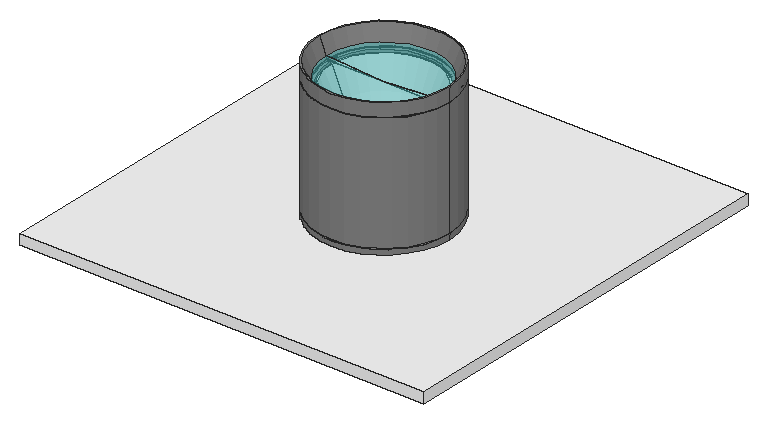
Revit family "BE_24406_de_DE", category Leuchten, Revit 2020
Family settings
  Basisbauteil = Fläche
  Bemaßung runder Anschluss = Durchmesser verwenden
  Teiletyp = Normal
  Beim Laden mit Abzugskörper schneiden = Ja
  Lichtquelle = Ja
  Gemeinsam genutzt = Nein
  Raumberechnungspunkt = Ja
Parameters (values of type "BEGA_24406_Grafit_K3")
  built-in parameter 1150104 = 12.542 (stored number, unit not read)
  Wattage = 16.8 W
  Default Elevation = 0 mm
  built-in parameter 1150113 = 1 (stored number, unit not read)
  built-in parameter 1114218 = 1 (stored number, unit not read)
  Umgebungstemperatur = "25 °C"
  URL = "https://www.bega.com/de/produkt/24406"
  Typenkommentare = "© 2022 BEGA. Wir behalten uns das Recht vor, technische Änderungen ohne vorherige Ankündigung vorzunehmen."  # constant formula
  Type Image = 24406.png
  built-in parameter 1150134 = (empty or 0)
  built-in parameter 1150109 = 1 (stored number, unit not read)
  Strom = "0,5 A"
  built-in parameter 1150110 = 1 (stored number, unit not read)
  Spannung = 239.996 V
  Sonderanfertigung = no
  Seriennummer [instance] = "Hier können Sie die eindeutige Seriennummer für das Facility Management eintragen."
  Schutzklasse = "I"
  Schutzart = "IP 65"
  Scheinlast = 0 VA
  Produktdatenblatt = "https://cdn.bega.com/bega/products/24406K3/current/documents/data-sheets/de"
  Oberflächentemperatur = ""
  Neigungswinkel = 0.00°
  Modell = "24406K3"
  Material_17 = BEGA_Reflektor
  Material_15 = BEGA_Leuchtmedium_matt
  Material_11 = BEGA_Glas_opal
  Material_09 = BEGA_Glas_klar
  Material_06 = BEGA_Oberfläche_Edelstahl_gebürstet
  Material_03 = BEGA_Oberfläche_Weiss_matt
  Material_02 = BEGA_Oberfläche_Silber_matt
  Material_01 [instance] = BEGA_Oberfläche_Grafit_matt
  M_W = no
  M_G = yes
  M_A = no
  Logo = 0
  built-in parameter 1114217 = 1 (stored number, unit not read)
  built-in parameter 1150139 = (empty or 0)
  built-in parameter 1150105 = 180.48 (stored number, unit not read)
  built-in parameter 1150114 = 1 (stored number, unit not read)
  Lumens = 2268 lm
  built-in parameter 1150115 = 1 (stored number, unit not read)
  Leuchtenlichtstrom = "2220 lm"
  Leuchtenanzahl = ""
  Lebensdauerkriterien = "L70B50 @ 25 °C = 180000 h"
  Lastklassifizierung = Beleuchtung
  built-in parameter 1150112 = 1 (stored number, unit not read)
  Lampenlichtstrom = "2850 lm"
  Lampe = "LED 16.8 W"
  LED_Modulbezeichnung = "LED-0800/830"
  Hersteller = "BEGA"  # constant formula
  Halbstreuwinkel = ""
  Gewicht = "1.35 kg"
  Gebrauchslageneinschränkung [instance] = ""
  Frequenz = "0/50-60 Hz"
  Farbwiedergabeindex = "CRI > 80"
  Farbtemperaturverschiebung bei Dämpfen der Lampe = <Keine Auswahl>
  Farbtemperatur = "3000 K"
  Color Filter = 16777215
  built-in parameter 1150133 = 10 (stored number, unit not read)
  Energieeffizienzklasse = "LED A++ - A"
  built-in parameter 1150137 = (empty or 0)
  built-in parameter 1150132 = (empty or 0)
  ENEC = "ja"
  Dimmbar [instance] = "DALI"
  Datei für fotometrisches Netz = "BE_24406K3.IES"
  CE_Konformität = "ja"
  Bestellnummer = "24406K3"
  Beschreibung_Sonderanfertigung = "Hier können Sie Informationen zur Sonderanfertigung eintragen."
  Beschreibung = "Deckenaufbau-Tiefstrahler"
  built-in parameter 1150106 = 1.8048 (stored number, unit not read)
  Befestigungsbohrung = "Ø 4,3 mm"
  Befestigungsabstand = "106 mm"
  Ballwurfsicher = ""
  BEGA_Intern_aus = yes
  BEGA_Intern_an = yes
  BEGA_Intern_Konstruktion = yes
  BEGA_Intern = yes
  BEGA_IES = yes
  BEGA_Dummy = no
  Anschlussleitung = ""
  Anschlussleistung [instance] = "19.3 W"
  Anschlusskasten = ""
  built-in parameter 1150107 = 3000 (stored number, unit not read)
  built-in parameter 1150102 = (empty or 0)
  built-in parameter 1150138 = (empty or 0)
  Aktualisierung = "2022-05-18T04:00:07"
  Abstand_zur_angestrahlten_Fläche [instance] = ""
  AC/DC = "AC/DC"
Types (4, lengths in mm): name | built-in parameter 1150104 | built-in parameter 1150134 | Modell | M_W | M_G | built-in parameter 1150105 | Lumens | Leuchtenlichtstrom | Lampenlichtstrom | LED_Modulbezeichnung | Farbtemperatur | Datei für fotometrisches Netz | Bestellnummer | built-in parameter 1150106 | built-in parameter 1150107
  BEGA_24406_Weiß_K3 | 12.542 (stored number, unit not read) | (empty or 0) | "24406WK3" | yes | no | 180.48 (stored number, unit not read) | 2268 lm | "2220 lm" | "2850 lm" | "LED-0800/830" | "3000 K" | "BE_24406K3.IES" | "24406WK3" | 1.8048 (stored number, unit not read) | 3000 (stored number, unit not read)
  BEGA_24406_Grafit_K4 | 12.821 (stored number, unit not read) | 12 | "24406K4" | no | yes | 184.49 (stored number, unit not read) | 2318.4 lm | "2275 lm" | "2920 lm" | "LED-0800/840" | "4000 K" | "BE_24406K4.IES" | "24406K4" | 1.8449 (stored number, unit not read) | 4000 (stored number, unit not read)
  BEGA_24406_Grafit_K3 | 12.542 (stored number, unit not read) | (empty or 0) | "24406K3" | no | yes | 180.48 (stored number, unit not read) | 2268 lm | "2220 lm" | "2850 lm" | "LED-0800/830" | "3000 K" | "BE_24406K3.IES" | "24406K3" | 1.8048 (stored number, unit not read) | 3000 (stored number, unit not read)
  BEGA_24406_Weiß_K4 | 12.821 (stored number, unit not read) | 12 | "24406WK4" | yes | no | 184.49 (stored number, unit not read) | 2318.4 lm | "2275 lm" | "2920 lm" | "LED-0800/840" | "4000 K" | "BE_24406K4.IES" | "24406WK4" | 1.8449 (stored number, unit not read) | 4000 (stored number, unit not read)
Reference planes
  plane 1 "Mitte (Vorne/Hinten)": y = 0
  plane 2: z = 0
  plane 3 "Mitte (Links/Rechts)": x = 0
  plane 4 "Links": x = -65
  plane 5 "Rechts": x = 65
  plane 6 "Unten": y = -65
  plane 7 "Oben": y = 65
  plane 8 "Vorne": z = 135.379
  plane 9 "Hinten": z = 0
Forms (mm)
  Extrusion 1, solid, material "BEGA_Platte_Weiss"
    sketch origin (0, -1119.2, 0) x (1, 0, 0) y (0, 1, 0)
      loop
        line (-200, 1319.2) -> (-200, 919.2) -> (200, 919.2) -> (200, 1319.2) -> (-200, 1319.2)
    from 0 to -10
  Extrusion 2, solid, material "BEGA_Dummy_matt", visible <- "BEGA_Dummy"
    sketch origin (77.149, -76.023, 0) x (1, 0, 0) y (0, 1, 0)
      loop
        circle (-77.149, 76.023) r 65
    from 0 to 135.379
Dimensions and locks
  plane 1 "Mitte (Vorne/Hinten)" to Extrusion 1 = 200 mm
  aligned and locked: plane 2 to Extrusion 1
  aligned and locked: level to Extrusion 1
Nested families
  nested 1: "BE_24406" at (0, 0, 0), type "BE_24406"
Connectors
  electrical at (0, 0, 0), driven by "Lastklassifizierung", driven by "Spannung", driven by "Scheinlast"
    settings: index 1, voltage 239.996 V, apparent load 0 VA, apparent load phase1 0 VA, apparent load phase2 0 VA, apparent load phase3 0 VA, power factor 1, load classification "Beleuchtung", number of poles 1, system type 31, power factor state 1, is connector primary yes, connector utility no, sub classification motor no, connector description ""
Definition of nested family "BE_24406"
  Parameters (values of type "BE_24406")
    Default Elevation = 1 mm
    URL = "http://www.bega.de/de/produkt"
    Type Comments = "© 2015 BEGA. Wir behalten uns das Recht vor, technische Änderungen ohne vorherige Ankündigung vorzunehmen. "  # constant formula
    Type Image = (empty or 0)
    Neigungswinkel_um_Z2 = 0.00°
    Neigungswinkel_um_Z1 = 0.00°
    Neigungswinkel_um_Y2 = 0.00°
    Neigungswinkel_um_Y1 = 0.00°
    Neigungswinkel_um_X2 = 0.00°
    Neigungswinkel_um_X1 = 0.00°
    Material_17 = none
    Material_15 = none
    Material_11 = none
    Material_09 = none
    Material_06 = none
    Material_03 = none
    Material_02 = none
    Material_01 = none
    M_W = yes
    M_G = yes
    M_A = yes
    Länge_Platte = 200 mm  # constant formula
    Höhe_Platte = -10 mm  # constant formula
    Manufacturer = "BEGA"  # constant formula
    Drehwinkel_um_Z2 = 0.00°
    Drehwinkel_um_Z1 = 0.00°
    Breite_Platte = 200 mm  # constant formula
  Reference planes
    plane 1 "Mitte (Oben/Unten)": y = 0
    plane 2: z = 0
    plane 3 "Mitte (Links/Rechts)": x = 0
    plane 4 "Hinten": z = -25
    plane 5 "Links": x = -65
    plane 6 "Oben": y = 65
    plane 7 "Unten": y = -65
    plane 8: z = 135.2
    plane 9: x = 65
  Forms (mm)
    Extrusion 1, solid, detail levels medium
      sketch origin (0, 0, 0) x (1, 0, 0) y (0, 1, 0)
        loop
          line (-100, 100) -> (-100, -100) -> (100, -100) -> (100, 100) -> (-100, 100)
      from 0 to -10 <- "Höhe_Platte"
    Revolve 2, solid, material <- "Material_01", visible <- "M_G"
      sketch origin (0, 0, 0) x (1, 0, 0) y (0, 0, 1)
        loop
          line (-65, 121.2) -> (-65, 6) -> (-64.092, 6) -> (-63, 9) -> (-62.1, 25) -> (-55, 25) -> (-54.11, 50.5) -> (0, 50.5) -> (0, 55.5) -> (-53.369, 55.5) -> (-54.966, 101.236)
          arc (-54.966, 101.236) -> (-55.271, 101.92) -> (-55.966, 102.2) r 1
          line (-55.966, 102.2) -> (-62.302, 102.2) -> (-62.845, 117.775) -> (-64.092, 121.2) -> (-65, 121.2)
        axis (0, 6) -> (0, 121.2)
      angle from 0 to 360
    Revolve 3, solid, material <- "Material_17"
      sketch origin (0, 0, 0) x (1, 0, 0) y (0, 0, 1)
        loop
          arc (-52.341, 113) -> (-40.494, 85.573) -> (-25.593, 59.678) r 261.2
          arc (-25.593, 59.678) -> (-25.072, 59.192) -> (-24.386, 59) r 1.5
          line (-24.386, 59) -> (-23, 59)
          arc (-23, 59) -> (-22.613, 59.184) -> (-22.51, 59.6) r 0.5
          arc (-22.51, 59.6) -> (-22.613, 60.016) -> (-23, 60.2) r 0.5
          line (-23, 60.2) -> (-24.484, 60.2)
          arc (-24.484, 60.2) -> (-39.558, 86.414) -> (-51.486, 114.2) r 259.987
          line (-51.486, 114.2) -> (-56.02, 114.198) -> (-56.5, 113) -> (-52.341, 113)
        axis (0, 59) -> (0, 114.2)
      angle from 0 to 360
    Revolve 4, solid, material <- "Material_09"
      sketch origin (0, 0, 0) x (1, 0, 0) y (0, 0, 1)
        loop
          line (0, 120.8) -> (-56, 120.8) -> (-56, 116.7) -> (0, 116.7) -> (0, 120.8)
        axis (0, 120.8) -> (0, 116.7)
      angle from 0 to 360
    Revolve 5, solid, material <- "Material_01", visible <- "M_G"
      sketch origin (0, 0, 0) x (1, 0, 0) y (0, 0, 1)
        loop
          line (-63.5, 135.2) -> (-65, 135.2) -> (-65, 122.217) -> (-62.884, 121.994) -> (-61, 118.468) -> (-62, 117.891) -> (-62, 109.35) -> (-60.078, 108.7) -> (-57.839, 108.7) -> (-57.704, 112.686) -> (-56.75, 114.2) -> (-53.087, 114.2) -> (-53.017, 116.2) -> (-56.465, 116.2) -> (-56.5, 117.2) -> (-63.5, 135.2)
        axis (0, 108.7) -> (0, 135.2)
      angle from 0 to 360
    Revolve 6, solid, material <- "Material_03", visible <- "M_W"
      sketch origin (0, 0, 0) x (1, 0, 0) y (0, 0, 1)
        loop
          line (-65, 121.2) -> (-65, 6) -> (-64.092, 6) -> (-63, 9) -> (-62.1, 25) -> (-55, 25) -> (-54.11, 50.5) -> (0, 50.5) -> (0, 55.5) -> (-53.369, 55.5) -> (-54.966, 101.236)
          arc (-54.966, 101.236) -> (-55.271, 101.92) -> (-55.966, 102.2) r 1
          line (-55.966, 102.2) -> (-62.302, 102.2) -> (-62.845, 117.775) -> (-64.092, 121.2) -> (-65, 121.2)
        axis (0, 6) -> (0, 121.2)
      angle from 0 to 360
    Revolve 7, solid, material <- "Material_03", visible <- "M_W"
      sketch origin (0, 0, 0) x (1, 0, 0) y (0, 0, 1)
        loop
          line (-63.5, 135.2) -> (-65, 135.2) -> (-65, 122.217) -> (-62.884, 121.994) -> (-61, 118.468) -> (-62, 117.891) -> (-62, 109.35) -> (-60.078, 108.7) -> (-57.839, 108.7) -> (-57.704, 112.686) -> (-56.75, 114.2) -> (-53.087, 114.2) -> (-53.017, 116.2) -> (-56.465, 116.2) -> (-56.5, 117.2) -> (-63.5, 135.2)
        axis (0, 108.7) -> (0, 135.2)
      angle from 0 to 360
    Revolve 8, solid, material <- "Material_15"
      sketch origin (0, 0, 0) x (1, 0, 0) y (0, 0, 1)
        loop
          line (0, 55.5) -> (0, 57.05) -> (-16, 57.05) -> (-16, 55.5) -> (0, 55.5)
        axis (0, 55.5) -> (0, 57.05)
      angle from 0 to 360
    Revolve 9, solid, material <- "Material_01", visible <- "M_G"
      sketch origin (0, 0, 0) x (1, 0, 0) y (0, 0, 1)
        loop
          line (0, 16.965) -> (-62, 16.965) -> (-62, 5.299) -> (-65, 4.983) -> (-65, 0) -> (-58.105, 0) -> (-57.651, 13) -> (0, 13) -> (0, 16.965)
        axis (0, 16.965) -> (0, 0)
      angle from 0 to 360
    Extrusion 10, solid, material <- "Material_01", visible <- "M_G"
      sketch origin (0, 0, 0) x (1, 0, 0) y (0, 1, 0)
        loop
          circle (-52.936, 0) r 6.124
        loop
          circle (-52.936, 0) r 2.126
        loop
          circle (52.936, 0) r 6.124
        loop
          circle (52.936, 0) r 2.126
      from 0 to 19.372
    Revolve 11, solid, material <- "Material_03", visible <- "M_W"
      sketch origin (0, 0, 0) x (1, 0, 0) y (0, 0, 1)
        loop
          line (0, 16.965) -> (-62, 16.965) -> (-62, 5.299) -> (-65, 4.983) -> (-65, 0) -> (-58.105, 0) -> (-57.651, 13) -> (0, 13) -> (0, 16.965)
        axis (0, 16.965) -> (0, 0)
      angle from 0 to 360
    Extrusion 12, solid, material <- "Material_03", visible <- "M_W"
      sketch origin (0, 0, 0) x (1, 0, 0) y (0, 1, 0)
        loop
          circle (-52.936, 0) r 6.124
        loop
          circle (-52.936, 0) r 2.126
        loop
          circle (52.936, 0) r 6.124
        loop
          circle (52.936, 0) r 2.126
      from 0 to 19.372
    Extrusion 13, void
      sketch origin (0, 0, 0) x (1, 0, 0) y (0, 1, 0)
        loop
          circle (-25, -37.5) r 7.197
        loop
          circle (-25, 37.5) r 7.197
      from 0 to 18.348
  Cuts and joins
    Extrusion 13 cuts Revolve 9
    Extrusion 13 cuts Extrusion 10
    joined: Revolve 9, Extrusion 10
    Extrusion 13 cuts Revolve 11
    Extrusion 13 cuts Extrusion 12
    joined: Revolve 11, Extrusion 12
    Extrusion 13 cuts Revolve 2
    Extrusion 13 cuts Revolve 3
    Extrusion 13 cuts Revolve 4
    Extrusion 13 cuts Revolve 6
  Dimensions and locks
    equal spacing: Extrusion 1 sketch curve, plane 3 "Mitte (Links/Rechts)", Extrusion 1 sketch curve
    equal spacing: Extrusion 1 sketch curve, plane 1 "Mitte (Oben/Unten)", Extrusion 1 sketch curve
    "Länge_Platte": Extrusion 1 sketch curve to Extrusion 1 sketch curve
    "Breite_Platte": Extrusion 1 sketch curve to Extrusion 1 sketch curve
    aligned and locked: plane 2 to Extrusion 1
    aligned and locked: level to Extrusion 1
  Automatic sketch dimensions
    Revolve 2 sketch curve to plane 3 "Mitte (Links/Rechts)" = 0 mm  (x2)
    Revolve 2 sketch curve to plane 3 "Mitte (Links/Rechts)" = 53.369 mm
    Revolve 2 sketch curve to Revolve 2 sketch curve = 0.74 mm
    Revolve 2 sketch curve to Revolve 2 sketch curve = 1.597 mm
    Revolve 2 sketch curve to Revolve 2 sketch curve = 0.89 mm
    Revolve 2 sketch curve to Revolve 2 sketch curve = 0.999 mm
    Revolve 2 sketch curve to Revolve 2 sketch curve = 7.1 mm
    Revolve 2 sketch curve to Revolve 2 sketch curve = 6.336 mm
    Revolve 2 sketch curve to Revolve 2 sketch curve = 0.544 mm
    level to Revolve 2 sketch curve = 9 mm
    Revolve 2 sketch curve to Revolve 2 sketch curve = 0.9 mm
    Revolve 2 sketch curve to Revolve 2 sketch curve = 1.246 mm
    level to Revolve 2 sketch curve = 6 mm
    Revolve 2 sketch curve to Revolve 2 sketch curve = 1.092 mm
    Revolve 2 sketch curve to Revolve 2 sketch curve = 0.908 mm
    Revolve 2 sketch curve to Revolve 2 sketch curve = 16 mm
    level to Revolve 2 sketch curve = 50.5 mm
    Revolve 2 sketch curve to Revolve 2 sketch curve = 5 mm
    Revolve 2 sketch curve to Revolve 2 sketch curve = 45.7 mm
    Revolve 2 sketch curve to Revolve 2 sketch curve = 0.036 mm
    Revolve 2 sketch curve to Revolve 2 sketch curve = 15.575 mm
    Revolve 2 sketch curve to Revolve 2 sketch curve = 3.425 mm
    Revolve 2 sketch curve to Revolve 2 sketch curve = 8.8 mm
    Revolve 2 sketch curve to Revolve 2 sketch curve = 31.2 mm
    Revolve 3 sketch curve to Revolve 3 sketch curve = 0 mm  (x5)
    Revolve 3 sketch curve to plane 3 "Mitte (Links/Rechts)" = 0 mm
    Revolve 3 sketch curve to plane 3 "Mitte (Links/Rechts)" = 23 mm
    Revolve 3 sketch curve to Revolve 3 sketch curve = 1.337 mm
    Revolve 3 sketch curve to Revolve 3 sketch curve = 1.386 mm
    Revolve 3 sketch curve to Revolve 3 sketch curve = 0.146 mm
    Revolve 3 sketch curve to plane 3 "Mitte (Links/Rechts)" = 51.486 mm
    Revolve 3 sketch curve to Revolve 3 sketch curve = 0.855 mm
    Revolve 3 sketch curve to Revolve 3 sketch curve = 3.68 mm
    Revolve 3 sketch curve to Revolve 3 sketch curve = 0.48 mm
    Revolve 3 sketch curve to Revolve 3 sketch curve = 0.002 mm
    Revolve 3 sketch curve to Revolve 3 sketch curve = 1.198 mm
    Revolve 3 sketch curve to Revolve 3 sketch curve = 0.299 mm
    Revolve 3 sketch curve to Revolve 3 sketch curve = 0.5 mm  (x2)
    Revolve 3 sketch curve to Revolve 3 sketch curve = 0.2 mm
    Revolve 3 sketch curve to Revolve 3 sketch curve = 25.304 mm
    Revolve 3 sketch curve to Revolve 3 sketch curve = 12.968 mm
    Revolve 4 sketch curve to plane 3 "Mitte (Links/Rechts)" = 0 mm  (x2)
    Revolve 4 sketch curve to Revolve 4 sketch curve = 56 mm
    Revolve 4 sketch curve to Revolve 4 sketch curve = 4.1 mm
    Revolve 4 sketch curve to Revolve 4 sketch curve = 6.161 mm
    Revolve 4 sketch curve to Revolve 4 sketch curve = 5 mm
    Revolve 5 sketch curve to plane 3 "Mitte (Links/Rechts)" = 0 mm
    Revolve 5 sketch curve to plane 3 "Mitte (Links/Rechts)" = 53.017 mm
    Revolve 5 sketch curve to Revolve 5 sketch curve = 0.07 mm
    Revolve 5 sketch curve to Revolve 5 sketch curve = 3.448 mm
    Revolve 5 sketch curve to Revolve 5 sketch curve = 0.035 mm
    Revolve 5 sketch curve to Revolve 5 sketch curve = 0.285 mm
    Revolve 5 sketch curve to Revolve 5 sketch curve = 0.954 mm
    Revolve 5 sketch curve to Revolve 5 sketch curve = 0.136 mm
    Revolve 5 sketch curve to Revolve 5 sketch curve = 2.239 mm
    Revolve 5 sketch curve to Revolve 5 sketch curve = 4.5 mm
    Revolve 5 sketch curve to Revolve 5 sketch curve = 1.922 mm
    Revolve 5 sketch curve to Revolve 5 sketch curve = 1.884 mm
    Revolve 5 sketch curve to Revolve 5 sketch curve = 0.616 mm
    Revolve 5 sketch curve to Revolve 5 sketch curve = 2.116 mm
    Revolve 5 sketch curve to Revolve 5 sketch curve = 0.65 mm
    Revolve 5 sketch curve to Revolve 5 sketch curve = 3.986 mm
    Revolve 5 sketch curve to Revolve 5 sketch curve = 1.514 mm
    Revolve 5 sketch curve to Revolve 5 sketch curve = 2 mm
    Revolve 5 sketch curve to Revolve 5 sketch curve = 1 mm
    Revolve 5 sketch curve to Revolve 5 sketch curve = 0.691 mm
    Revolve 5 sketch curve to Revolve 5 sketch curve = 0.577 mm
    Revolve 5 sketch curve to Revolve 5 sketch curve = 3.526 mm
    Revolve 5 sketch curve to Revolve 5 sketch curve = 0.222 mm
    Revolve 5 sketch curve to Revolve 5 sketch curve = 12.983 mm
    Revolve 5 sketch curve to Revolve 5 sketch curve = 15 mm
    Revolve 5 sketch curve to Revolve 5 sketch curve = 16.437 mm
    Revolve 6 sketch curve to plane 3 "Mitte (Links/Rechts)" = 0 mm  (x2)
    Revolve 6 sketch curve to plane 3 "Mitte (Links/Rechts)" = 53.369 mm
    Revolve 6 sketch curve to Revolve 6 sketch curve = 0.74 mm
    Revolve 6 sketch curve to Revolve 6 sketch curve = 1.597 mm
    Revolve 6 sketch curve to Revolve 6 sketch curve = 0.89 mm
    Revolve 6 sketch curve to Revolve 6 sketch curve = 0.999 mm
    Revolve 6 sketch curve to Revolve 6 sketch curve = 7.1 mm
    Revolve 6 sketch curve to Revolve 6 sketch curve = 6.336 mm
    Revolve 6 sketch curve to Revolve 6 sketch curve = 0.544 mm
    level to Revolve 6 sketch curve = 9 mm
    Revolve 6 sketch curve to Revolve 6 sketch curve = 0.9 mm
    Revolve 6 sketch curve to Revolve 6 sketch curve = 1.246 mm
    level to Revolve 6 sketch curve = 6 mm
    Revolve 6 sketch curve to Revolve 6 sketch curve = 1.092 mm
    Revolve 6 sketch curve to Revolve 6 sketch curve = 0.908 mm
    Revolve 6 sketch curve to Revolve 6 sketch curve = 16 mm
    level to Revolve 6 sketch curve = 50.5 mm
    Revolve 6 sketch curve to Revolve 6 sketch curve = 5 mm
    Revolve 6 sketch curve to Revolve 6 sketch curve = 45.7 mm
    Revolve 6 sketch curve to Revolve 6 sketch curve = 0.036 mm
    Revolve 6 sketch curve to Revolve 6 sketch curve = 15.575 mm
    Revolve 6 sketch curve to Revolve 6 sketch curve = 3.425 mm
    Revolve 6 sketch curve to Revolve 6 sketch curve = 8.8 mm
    Revolve 6 sketch curve to Revolve 6 sketch curve = 31.2 mm
    Revolve 7 sketch curve to plane 3 "Mitte (Links/Rechts)" = 0 mm
    Revolve 7 sketch curve to plane 3 "Mitte (Links/Rechts)" = 53.017 mm
    Revolve 7 sketch curve to Revolve 7 sketch curve = 0.07 mm
    Revolve 7 sketch curve to Revolve 7 sketch curve = 3.448 mm
    Revolve 7 sketch curve to Revolve 7 sketch curve = 0.035 mm
    Revolve 7 sketch curve to Revolve 7 sketch curve = 0.285 mm
    Revolve 7 sketch curve to Revolve 7 sketch curve = 0.954 mm
    Revolve 7 sketch curve to Revolve 7 sketch curve = 0.136 mm
    Revolve 7 sketch curve to Revolve 7 sketch curve = 2.239 mm
    Revolve 7 sketch curve to Revolve 7 sketch curve = 4.5 mm
    Revolve 7 sketch curve to Revolve 7 sketch curve = 1.922 mm
    Revolve 7 sketch curve to Revolve 7 sketch curve = 1.884 mm
    Revolve 7 sketch curve to Revolve 7 sketch curve = 0.616 mm
    Revolve 7 sketch curve to Revolve 7 sketch curve = 2.116 mm
    Revolve 7 sketch curve to Revolve 7 sketch curve = 0.65 mm
    Revolve 7 sketch curve to Revolve 7 sketch curve = 3.986 mm
    Revolve 7 sketch curve to Revolve 7 sketch curve = 1.514 mm
    Revolve 7 sketch curve to Revolve 7 sketch curve = 2 mm
    Revolve 7 sketch curve to Revolve 7 sketch curve = 1 mm
    Revolve 7 sketch curve to Revolve 7 sketch curve = 0.691 mm
    Revolve 7 sketch curve to Revolve 7 sketch curve = 0.577 mm
    Revolve 7 sketch curve to Revolve 7 sketch curve = 3.526 mm
    Revolve 7 sketch curve to Revolve 7 sketch curve = 0.222 mm
    Revolve 7 sketch curve to Revolve 7 sketch curve = 12.983 mm
    Revolve 7 sketch curve to Revolve 7 sketch curve = 15 mm
    Revolve 7 sketch curve to Revolve 7 sketch curve = 16.437 mm
    Revolve 8 sketch curve to plane 3 "Mitte (Links/Rechts)" = 0 mm  (x2)
    Revolve 8 sketch curve to Revolve 8 sketch curve = 16 mm
    level to Revolve 8 sketch curve = 55.5 mm
    Revolve 8 sketch curve to Revolve 8 sketch curve = 1.55 mm
    Revolve 8 sketch curve to Revolve 8 sketch curve = 1.95 mm
    Revolve 8 sketch curve to Revolve 8 sketch curve = 2.56 mm
    level to Revolve 3 sketch curve = 59 mm
    Revolve 3 sketch curve to Revolve 3 sketch curve = 52.501 mm
    level to Revolve 4 sketch curve = 116.7 mm
    level to Revolve 5 sketch curve = 108.7 mm
    level to Revolve 7 sketch curve = 108.7 mm
    plane 3 "Mitte (Links/Rechts)" to Revolve 3 sketch curve = 192.978 mm
    Revolve 9 sketch curve to level = 0 mm
    Revolve 9 sketch curve to plane 5 "Links" = 0 mm
    Revolve 9 sketch curve to plane 3 "Mitte (Links/Rechts)" = 0 mm  (x2)
    plane 5 "Links" to Revolve 9 sketch curve = 3 mm
    Revolve 9 sketch curve to Revolve 9 sketch curve = 3.895 mm
    Revolve 9 sketch curve to Revolve 9 sketch curve = 4.349 mm
    Revolve 9 sketch curve to Revolve 9 sketch curve = 4.983 mm
    Revolve 9 sketch curve to Revolve 9 sketch curve = 0.315 mm
    Revolve 9 sketch curve to Revolve 9 sketch curve = 7.701 mm
    Revolve 9 sketch curve to Revolve 9 sketch curve = 3.965 mm
    Revolve 9 sketch curve to Revolve 9 sketch curve = 7.075 mm
    Revolve 9 sketch curve to Revolve 9 sketch curve = 9.203 mm
    Extrusion 10 sketch curve to Extrusion 10 sketch curve = 0 mm  (x4)
    plane 1 "Mitte (Oben/Unten)" to Extrusion 10 sketch curve = 0 mm  (x2)
    plane 5 "Links" to Extrusion 10 sketch curve = 12.064 mm
    Extrusion 10 sketch curve to plane 9 = 12.064 mm
    Revolve 11 sketch curve to level = 0 mm
    Revolve 11 sketch curve to plane 5 "Links" = 0 mm
    Revolve 11 sketch curve to plane 3 "Mitte (Links/Rechts)" = 0 mm  (x2)
    plane 5 "Links" to Revolve 11 sketch curve = 3 mm
    Revolve 11 sketch curve to Revolve 11 sketch curve = 3.895 mm
    Revolve 11 sketch curve to Revolve 11 sketch curve = 4.349 mm
    Revolve 11 sketch curve to Revolve 11 sketch curve = 4.983 mm
    Revolve 11 sketch curve to Revolve 11 sketch curve = 0.315 mm
    Revolve 11 sketch curve to Revolve 11 sketch curve = 7.701 mm
    Revolve 11 sketch curve to Revolve 11 sketch curve = 3.965 mm
    Revolve 11 sketch curve to Revolve 11 sketch curve = 7.075 mm
    Revolve 11 sketch curve to Revolve 11 sketch curve = 9.203 mm
    Extrusion 12 sketch curve to Extrusion 12 sketch curve = 0 mm  (x4)
    plane 1 "Mitte (Oben/Unten)" to Extrusion 12 sketch curve = 0 mm  (x2)
    plane 5 "Links" to Extrusion 12 sketch curve = 12.064 mm
    Extrusion 12 sketch curve to plane 9 = 12.064 mm
    radius of Extrusion 10 sketch curve = 6.124 mm  (x2)
    radius of Extrusion 10 sketch curve = 2.126 mm  (x2)
    radius of Extrusion 12 sketch curve = 6.124 mm  (x2)
    radius of Extrusion 12 sketch curve = 2.126 mm  (x2)
